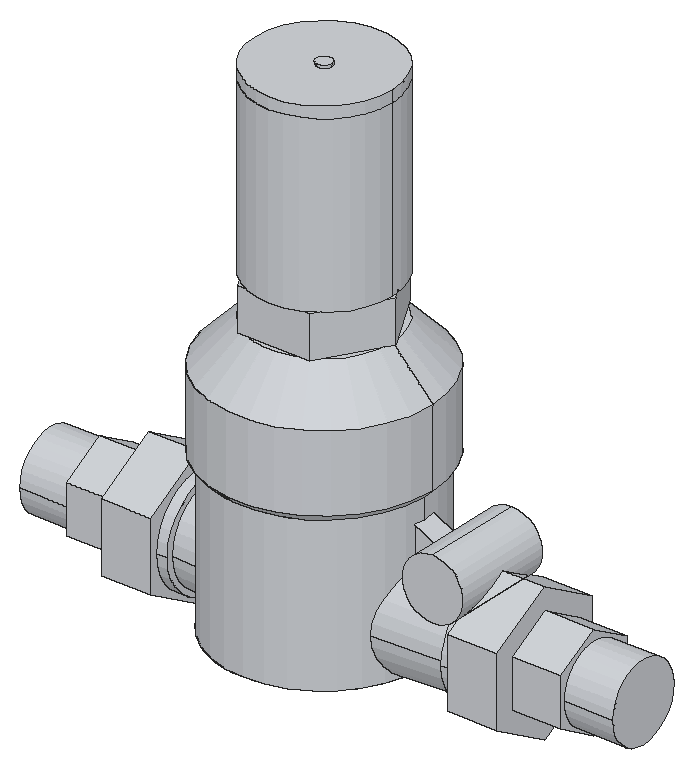
Revit family "306_b223ac7f6b9e48b0bcc7016f55d9b9", category Pipe Accessories, Revit 2022
Family settings
  Round Connector Dimension = Use Diameter
  Part Type = Valve - Breaks Into
  Work Plane-Based = No
  Always vertical = Yes
  Cut with Voids When Loaded = No
  Shared = No
Parameters (values of type "2800 34")
  magiProductId = "8636823e8e654d7caf5087061e43f8"
  magiProductFamilyId = "b223ac7f6b9e48b0bcc7016f55d9b9"
  magiPartTypeId = 306
  isMeasuringValve [instance] = no
  ang2D [instance] = 0.00°
  W2D = 25 mm
  VersionID = "2.0/2018.5.23.1/FAR_2800_001"
  Use Minimum Symbol Size [instance] = yes
  TLL__ve = -TLL  # -13 mm
  TLL = 13 mm
  R6 = 28.5 mm
  R52 = 8 mm
  R5 = 26.5 mm
  R32 = 19 mm
  R3 = 18 mm
  R25 = 14.5 mm
  R24 = 16.5 mm
  R2 = 12.5 mm
  R1 = 14 mm
  R = 10 mm
  QmdConnectorList = "301;D;302;D"
  Productdata [instance] = "© MagiCAD Group, all rights reserved"
  NT__ve = -NT  # -13 mm
  NT2 = 26 mm
  NT = 13 mm
  Manufacturer = "FAR"
  MC Product Code = "2800 34"
  LL__ve = -LL  # -3 mm
  LLL = 6 mm
  LL = 3 mm
  LH = 45.583 mm
  L2D_Min = 3048 mm
  L2D = 150 mm
  L22 = 2 mm
  L2 = 65 mm
  HH2 = 14 mm
  H5 = 20.167 mm
  H3 = 30.25 mm
  H10 = 11 mm
  H = 121 mm
  Description = "Pressure reducing valve, nominal pressure 25 bar, M-M conn."
  Default Elevation = 0 mm
  D = 20 mm
  CenSd_R3_6 = R3 * cos(30.00°)  # 15.588 mm
  CenSd_R32_6 = R32 * cos(30.00°)  # 16.454 mm
  CenSd_R2_6 = R2 * cos(30.00°)  # 10.825 mm
Types (6, lengths in mm): name | magiProductId | TLL__ve | TLL | R6 | R5 | R32 | R3 | R25 | R24 | R2 | R1 | R | Productdata | NT__ve | NT2 | NT | MC Product Code | LH | L2 | HH2 | H5 | H3 | H10 | H | D | CenSd_R3_6 | CenSd_R32_6 | CenSd_R2_6
  2800 1 | "25152e4836604e1d8fbe4be3ce001b" | -15 | 15 | 33.5 | 31.5 | 21.5 | 20.5 | 17 | 19 | 15 | 16.5 | 12.5 | "© Progman Oy, all rights reserved" | -15 | 30 | 15 | "2800 1" | 60.038 | 75 | 16.5 | 26.167 | 39.25 | 14.273 | 157 | 25 | 17.754 | 18.62 | 12.99
  2800 112 | "c08a6f1942e74f81b70147ea77004e" | -17.5 | 17.5 | 39.75 | 37.75 | 29 | 28 | 24.5 | 26.5 | 22.5 | 24 | 20 | "© Progman Oy, all rights reserved" | -17.5 | 35 | 17.5 | "2800 112" | 62.045 | 87.5 | 24 | 27 | 40.5 | 14.727 | 162 | 40 | 24.249 | 25.115 | 19.486
  2800 114 | "5a0a3ccc04384ee8b18895e05ba843" | -16 | 16 | 36 | 34 | 25 | 24 | 20.5 | 22.5 | 18.5 | 20 | 16 | "© Progman Oy, all rights reserved" | -16 | 32 | 16 | "2800 114" | 61.644 | 80 | 20 | 26.833 | 40.25 | 14.636 | 161 | 32 | 20.785 | 21.651 | 16.021
  2800 12 | "6a712f76ac7c4cfa81f5735f466b94" | -12 | 12 | 26.5 | 24.5 | 16.5 | 15.5 | 12 | 14 | 10 | 11.5 | 7.5 | "© Progman Oy, all rights reserved" | -12.2 | 24.4 | 12.2 | "2800 12" | 45.583 | 61 | 11.5 | 20.167 | 30.25 | 11 | 121 | 15 | 13.423 | 14.289 | 8.66
  2800 2 | "8139b10aeeab483ebb5c552e93f462" | -20 | 20 | 43.5 | 41.5 | 34 | 33 | 29.5 | 31.5 | 27.5 | 29 | 25 | "© Progman Oy, all rights reserved" | -19 | 38 | 19 | "2800 2" | 62.045 | 95 | 29 | 27 | 40.5 | 14.727 | 162 | 50 | 28.579 | 29.445 | 23.816
  2800 34 | "8636823e8e654d7caf5087061e43f8" | -13 | 13 | 28.5 | 26.5 | 19 | 18 | 14.5 | 16.5 | 12.5 | 14 | 10 | "© MagiCAD Group, all rights reserved" | -13 | 26 | 13 | "2800 34" | 45.583 | 65 | 14 | 20.167 | 30.25 | 11 | 121 | 20 | 15.588 | 16.454 | 10.825
Reference planes
  plane 1 "Center (Front/Back)": y = 0
  plane 2 "XYPLANE": z = 0
  plane 3 "Center (Left/Right)": x = 0
  plane 4 "201": y = -3
  plane 5 "200": z = 36.5
  plane 6 "198": x = 33
  plane 7 "196": z = 16.5
  plane 8 "194": y = -13
  plane 9 "189": z = 72.417
  plane 10 "186": z = 118
  plane 11 "185": z = 61.417
  plane 12 "181": z = 50.417
  plane 13 "175": x = -36
  plane 14 "171": z = 119.5
  plane 15 "170": z = 121
  plane 16 "147": x = 52
  plane 17 "145": x = -39
  plane 18 "144": x = -52
  plane 19 "99": z = 28.25
  plane 20 "98": z = -12
  plane 21 "97": z = 30.25
  plane 22 "96": z = -14
  plane 23 "92": x = 36
  plane 24 "91": x = 39
  plane 25 "39": x = 65
  plane 26 "38": x = -65
  plane 27 "37": z = 0
  plane 28 "36": y = 0
  plane 29 "35": x = -6
Forms (mm)
  Extrusion 1, solid
    sketch origin (750, -3, 0) x (-1, 0, 0) y (0, 0, 1)
      loop
        line (756, 0) -> (756, 36.5) -> (717, 16.5) -> (717, 0) -> (756, 0)
    from 0 to 6 <- "LLL"
  Extrusion 2, solid
    sketch origin (750, -13, 0) x (-1, 0, 0) y (0, 0, 1)
      loop
        circle (717, 16.5) r 8
    from 0 to 26 <- "NT2"
  Extrusion 3, solid
    sketch origin (-750, 0, 61.417) x (1, 0, 0) y (0, 1, 0)
      loop
        line (763, 0) -> (753.5, 16.454) -> (734.5, 16.454) -> (725, 0) -> (734.5, -16.454) -> (753.5, -16.454) -> (763, 0)
    from 0 to 11 <- "H10"
  Blend 4, solid
    base sketch origin (-750, 0, 50.417) x (1, 0, 0) y (0, 1, 0)
      loop
        circle (744, 0) r 28.5
    top sketch origin (-750, 0, 50.417) x (1, 0, 0) y (0, 1, 0)
      loop
        circle (744, 0) r 18
    from 0 to 11
  Blend 5, solid
    base sketch origin (-750, 0, 30.25) x (1, 0, 0) y (0, 1, 0)
      loop
        circle (744, 0) r 28.5
    top sketch origin (-750, 0, 30.25) x (1, 0, 0) y (0, 1, 0)
      loop
        circle (744, 0) r 28.5
    from 0 to 20.167
  Blend 6, solid
    base sketch origin (36, -750, 0) x (0, 1, 0) y (0, 0, 1)
      loop
        circle (750, 0) r 12.5
    top sketch origin (36, -750, 0) x (0, 1, 0) y (0, 0, 1)
      loop
        circle (750, 0) r 14.5
    from 0 to -42
  Blend 7, solid
    base sketch origin (-36, -750, 0) x (0, 1, 0) y (0, 0, 1)
      loop
        circle (750, 0) r 12.5
    top sketch origin (-36, -750, 0) x (0, 1, 0) y (0, 0, 1)
      loop
        circle (750, 0) r 14.5
    from 0 to 30
  Extrusion 8, solid
    sketch origin (-750, 0, 119.5) x (1, 0, 0) y (0, 1, 0)
      loop
        circle (744, 0) r 2
    from 0 to 2 <- "L22"
  Extrusion 9, solid
    sketch origin (-65, -750, 0) x (0, 1, 0) y (0, 0, 1)
      loop
        circle (750, 0) r 10
    from 0 to -13 <- "TLL__ve"
  Extrusion 10, solid
    sketch origin (65, -750, 0) x (0, 1, 0) y (0, 0, 1)
      loop
        circle (750, 0) r 10
    from 0 to 13 <- "TLL"
  Extrusion 11, solid
    sketch origin (52, -750, 0) x (0, 1, 0) y (0, 0, 1)
      loop
        line (750, 18) -> (734.412, 9) -> (734.412, -9) -> (750, -18) -> (765.588, -9) -> (765.588, 9) -> (750, 18)
    from 0 to -13 <- "NT__ve"
  Extrusion 12, solid
    sketch origin (-52, -750, 0) x (0, 1, 0) y (0, 0, 1)
      loop
        line (750, 18) -> (734.412, 9) -> (734.412, -9) -> (750, -18) -> (765.588, -9) -> (765.588, 9) -> (750, 18)
    from 0 to 13 <- "NT"
  Extrusion 13, solid
    sketch origin (-750, 0, 118) x (1, 0, 0) y (0, 1, 0)
      loop
        circle (744, 0) r 18
    from 0 to 3 <- "LL"
  Extrusion 14, solid
    sketch origin (-750, 0, 72.417) x (1, 0, 0) y (0, 1, 0)
      loop
        circle (744, 0) r 18
    from 0 to 45.583 <- "LH"
  Blend 15, solid
    base sketch origin (-750, 0, 28.25) x (1, 0, 0) y (0, 1, 0)
      loop
        circle (744, 0) r 26.5
    top sketch origin (-750, 0, 28.25) x (1, 0, 0) y (0, 1, 0)
      loop
        circle (744, 0) r 28.5
    from 0 to 2
  Blend 16, solid
    base sketch origin (-750, 0, -12) x (1, 0, 0) y (0, 1, 0)
      loop
        circle (744, 0) r 26.5
    top sketch origin (-750, 0, -12) x (1, 0, 0) y (0, 1, 0)
      loop
        circle (744, 0) r 26.5
    from 0 to 40.25
  Blend 17, solid
    base sketch origin (-750, 0, -14) x (1, 0, 0) y (0, 1, 0)
      loop
        circle (744, 0) r 12.5
    top sketch origin (-750, 0, -14) x (1, 0, 0) y (0, 1, 0)
      loop
        circle (744, 0) r 26.5
    from 0 to 2
  Extrusion 18, solid
    sketch origin (65, -750, 0) x (0, 1, 0) y (0, 0, 1)
      loop
        line (750, 12.5) -> (739.175, 6.25) -> (739.175, -6.25) -> (750, -12.5) -> (760.825, -6.25) -> (760.825, 6.25) -> (750, 12.5)
    from 0 to -13 <- "NT__ve"
  Extrusion 19, solid
    sketch origin (-65, -750, 0) x (0, 1, 0) y (0, 0, 1)
      loop
        line (750, 12.5) -> (739.175, 6.25) -> (739.175, -6.25) -> (750, -12.5) -> (760.825, -6.25) -> (760.825, 6.25) -> (750, 12.5)
    from 0 to 13 <- "NT"
  Extrusion 20, solid
    sketch origin (39, -750, 0) x (0, 1, 0) y (0, 0, 1)
      loop
        circle (750, 0) r 14
    from 0 to -3 <- "LL__ve"
  Extrusion 21, solid
    sketch origin (-39, -750, 0) x (0, 1, 0) y (0, 0, 1)
      loop
        circle (750, 0) r 14
    from 0 to 3 <- "LL"
  Extrusion 22, solid, not visible
    sketch origin (65, -750, 0) x (0, 1, 0) y (0, 0, 1)
      loop
        circle (750, 0) r 8
    from 0 to -10
  Extrusion 23, solid, not visible
    sketch origin (-65, -750, 0) x (0, 1, 0) y (0, 0, 1)
      loop
        circle (750, 0) r 8
    from 0 to 10
Lines and regions (mm)
  reference lines, not visible
    curve 1: circle (2, 2, 0) r 1 normal (0, 0, 1)
  reference lines
    curve 2: line (-6, 0, 61.417) -> (-11.375, 9.31, 61.417)
    curve 3: line (-6, 0, 61.417) -> (-16.75, 0, 61.417)
    curve 4: line (-6, 0, 61.417) -> (-11.375, -9.31, 61.417)
    curve 5: line (52, 0, 0) -> (52, 8.877, -5.125)
    curve 6: line (52, 0, 0) -> (52, 0, -10.25)
    curve 7: line (52, 0, 0) -> (52, -8.877, -5.125)
    curve 8: line (-52, 0, 0) -> (-52, -8.877, -5.125)
    curve 9: line (-52, 0, 0) -> (-52, 0, -10.25)
    curve 10: line (-52, 0, 0) -> (-52, 8.877, -5.125)
    curve 11: line (65, 0, 0) -> (65, 6.495, -3.75)
    curve 12: line (65, 0, 0) -> (65, 0, -7.5)
    curve 13: line (65, 0, 0) -> (65, -6.495, -3.75)
    curve 14: line (-65, 0, 0) -> (-65, -6.495, -3.75)
    curve 15: line (-65, 0, 0) -> (-65, 0, -7.5)
    curve 16: line (-65, 0, 0) -> (-65, 6.495, -3.75)
Dimensions and locks
  plane 1 "Center (Front/Back)" to curve 1 = 2 mm
  "LL": plane 1 "Center (Front/Back)" to plane 4 "201"
  locked: plane 7 "196" to plane 5 "200" at 20
  "LL": plane 23 "92" to plane 6 "198"
  "R24": plane 2 "XYPLANE" to plane 7 "196"
  "NT": plane 1 "Center (Front/Back)" to plane 8 "194"
  "H10": plane 11 "185" to plane 9 "189"
  "LL": plane 15 "170" to plane 10 "186"
  "H10": plane 12 "181" to plane 11 "185"
  "H5": plane 21 "97" to plane 12 "181"
  "LL": plane 17 "145" to plane 13 "175"
  locked: plane 15 "170" to plane 14 "171" at 1.5
  "H": plane 2 "XYPLANE" to plane 15 "170"
  "NT": plane 25 "39" to plane 16 "147"
  "NT": plane 18 "144" to plane 17 "145"
  "NT": plane 26 "38" to plane 18 "144"
  locked: plane 21 "97" to plane 19 "99" at 2
  locked: plane 22 "96" to plane 20 "98" at 2
  "H3": plane 2 "XYPLANE" to plane 21 "97"
  "HH2": plane 2 "XYPLANE" to plane 22 "96"
  "LL": plane 24 "91" to plane 23 "92"
  "NT": plane 16 "147" to plane 24 "91"
  "L2": plane 3 "Center (Left/Right)" to plane 25 "39"
  "L2": plane 3 "Center (Left/Right)" to plane 26 "38"
  locked: plane 2 "XYPLANE" to plane 27 "37"
  locked: plane 1 "Center (Front/Back)" to plane 28 "36"
  "LLL": plane 3 "Center (Left/Right)" to plane 29 "35"
  Extrusion 1 sketch curve to Extrusion 1 sketch curve = 0 mm  (x8)
  "CenSd_R32_6": curve 2 to Extrusion 3 sketch curve  (x2)
  "CenSd_R32_6": curve 3 to Extrusion 3 sketch curve  (x2)
  "CenSd_R32_6": curve 4 to Extrusion 3 sketch curve  (x2)
  Extrusion 3 sketch curve to Extrusion 3 sketch curve = 0 mm  (x12)
  "CenSd_R3_6": curve 5 to Extrusion 11 sketch curve  (x2)
  "CenSd_R3_6": curve 6 to Extrusion 11 sketch curve  (x2)
  "CenSd_R3_6": curve 7 to Extrusion 11 sketch curve  (x2)
  Extrusion 11 sketch curve to Extrusion 11 sketch curve = 0 mm  (x12)
  "CenSd_R3_6": curve 8 to Extrusion 12 sketch curve  (x2)
  "CenSd_R3_6": curve 9 to Extrusion 12 sketch curve  (x2)
  "CenSd_R3_6": curve 10 to Extrusion 12 sketch curve  (x2)
  Extrusion 12 sketch curve to Extrusion 12 sketch curve = 0 mm  (x12)
  "CenSd_R2_6": curve 11 to Extrusion 18 sketch curve  (x2)
  "CenSd_R2_6": curve 12 to Extrusion 18 sketch curve  (x2)
  "CenSd_R2_6": curve 13 to Extrusion 18 sketch curve  (x2)
  Extrusion 18 sketch curve to Extrusion 18 sketch curve = 0 mm  (x12)
  "CenSd_R2_6": curve 14 to Extrusion 19 sketch curve  (x2)
  "CenSd_R2_6": curve 15 to Extrusion 19 sketch curve  (x2)
  "CenSd_R2_6": curve 16 to Extrusion 19 sketch curve  (x2)
  Extrusion 19 sketch curve to Extrusion 19 sketch curve = 0 mm  (x12)
  "R52": radius of Extrusion 2 sketch curve
  "R3": radius of Blend 4 sketch curve
  "R6": radius of Blend 4 sketch curve
  "R6": radius of Blend 5 sketch curve  (x2)
  "R25": radius of Blend 6 sketch curve
  "R2": radius of Blend 6 sketch curve
  "R25": radius of Blend 7 sketch curve
  "R2": radius of Blend 7 sketch curve
  "L22": radius of Extrusion 8 sketch curve
  "R": radius of Extrusion 9 sketch curve
  "R": radius of Extrusion 10 sketch curve
  "R3": radius of Extrusion 13 sketch curve
  "R3": radius of Extrusion 14 sketch curve
  "R6": radius of Blend 15 sketch curve
  "R5": radius of Blend 15 sketch curve
  "R5": radius of Blend 16 sketch curve  (x2)
  "R5": radius of Blend 17 sketch curve
  "R2": radius of Blend 17 sketch curve
  "R1": radius of Extrusion 20 sketch curve
  "R1": radius of Extrusion 21 sketch curve
  locked: curve 3 to curve 2 (angle 60.00°)
  locked: curve 4 to curve 3 (angle 60.00°)
  locked: curve 4 to curve 2 (angle 120.00°)
  locked: curve 6 to curve 5 (angle 60.00°)
  locked: curve 7 to curve 6 (angle 60.00°)
  locked: curve 7 to curve 5 (angle 120.00°)
  locked: curve 9 to curve 8 (angle 60.00°)
  locked: curve 10 to curve 9 (angle 60.00°)
  locked: curve 10 to curve 8 (angle 120.00°)
  locked: curve 12 to curve 11 (angle 60.00°)
  locked: curve 13 to curve 12 (angle 60.00°)
  locked: curve 13 to curve 11 (angle 120.00°)
  locked: curve 15 to curve 14 (angle 60.00°)
  locked: curve 16 to curve 15 (angle 60.00°)
  locked: curve 16 to curve 14 (angle 120.00°)
  aligned and locked: level to plane 2 "XYPLANE"
  aligned and locked: Extrusion 1 sketch curve to plane 29 "35"
  aligned and locked: plane 27 "37" to Extrusion 1 sketch curve
  aligned and locked: plane 5 "200" to Extrusion 1 sketch curve
  aligned and locked: plane 29 "35" to Extrusion 1 sketch curve
  aligned and locked: plane 7 "196" to Extrusion 1 sketch curve
  aligned and locked: plane 6 "198" to Extrusion 1 sketch curve  (x2)
  aligned and locked: Extrusion 1 sketch curve to plane 27 "37"
  aligned and locked: plane 6 "198" to Extrusion 2 sketch curve
  aligned and locked: plane 7 "196" to Extrusion 2 sketch curve
  aligned and locked: plane 28 "36" to curve 4
  aligned and locked: plane 29 "35" to curve 4
  aligned and locked: plane 28 "36" to Blend 4 sketch curve  (x2)
  aligned and locked: plane 29 "35" to Blend 4 sketch curve  (x2)
  aligned and locked: plane 11 "185" to Blend 4
  aligned and locked: plane 28 "36" to Blend 5 sketch curve  (x2)
  aligned and locked: plane 29 "35" to Blend 5 sketch curve  (x2)
  aligned and locked: plane 12 "181" to Blend 5
  aligned and locked: plane 27 "37" to Blend 6 sketch curve  (x2)
  aligned and locked: Blend 6 sketch curve to plane 28 "36"  (x2)
  aligned and locked: Blend 6 to plane 29 "35"
  aligned and locked: plane 27 "37" to Blend 7 sketch curve  (x2)
  aligned and locked: Blend 7 sketch curve to plane 28 "36"  (x2)
  aligned and locked: plane 29 "35" to Blend 7
  aligned and locked: plane 28 "36" to Extrusion 8 sketch curve
  aligned and locked: plane 29 "35" to Extrusion 8 sketch curve
  aligned and locked: plane 27 "37" to Extrusion 9 sketch curve
  aligned and locked: Extrusion 9 sketch curve to plane 28 "36"
  aligned and locked: plane 27 "37" to Extrusion 10 sketch curve
  aligned and locked: Extrusion 10 sketch curve to plane 28 "36"
  aligned and locked: plane 27 "37" to curve 7
  aligned and locked: curve 7 to plane 28 "36"
  aligned and locked: plane 27 "37" to curve 10
  aligned and locked: curve 10 to plane 28 "36"
  aligned and locked: plane 28 "36" to Extrusion 13 sketch curve
  aligned and locked: plane 29 "35" to Extrusion 13 sketch curve
  aligned and locked: plane 28 "36" to Extrusion 14 sketch curve
  aligned and locked: plane 29 "35" to Extrusion 14 sketch curve
  aligned and locked: plane 28 "36" to Blend 15 sketch curve  (x2)
  aligned and locked: plane 29 "35" to Blend 15 sketch curve  (x2)
  aligned and locked: plane 21 "97" to Blend 15
  aligned and locked: plane 28 "36" to Blend 16 sketch curve  (x2)
  aligned and locked: plane 29 "35" to Blend 16 sketch curve  (x2)
  aligned and locked: plane 19 "99" to Blend 16
  aligned and locked: plane 28 "36" to Blend 17 sketch curve  (x2)
  aligned and locked: plane 29 "35" to Blend 17 sketch curve  (x2)
  aligned and locked: plane 20 "98" to Blend 17
  aligned and locked: plane 27 "37" to curve 13
  aligned and locked: curve 13 to plane 28 "36"
  aligned and locked: plane 27 "37" to curve 16
  aligned and locked: curve 16 to plane 28 "36"
  aligned and locked: plane 27 "37" to Extrusion 20 sketch curve
  aligned and locked: Extrusion 20 sketch curve to plane 28 "36"
  aligned and locked: plane 27 "37" to Extrusion 21 sketch curve
  aligned and locked: Extrusion 21 sketch curve to plane 28 "36"
  aligned and locked: plane 27 "37" to Extrusion 22 sketch curve
  aligned and locked: Extrusion 22 sketch curve to plane 28 "36"
  aligned and locked: plane 27 "37" to Extrusion 23 sketch curve
  aligned and locked: Extrusion 23 sketch curve to plane 28 "36"
Automatic sketch dimensions
  plane 8 "194" to Extrusion 22 sketch curve = 5 mm
  plane 8 "194" to Extrusion 23 sketch curve = 5 mm
  plane 3 "Center (Left/Right)" to curve 1 = 2 mm
  radius of curve 1 = 1 mm
Connectors
  piping at (-65, 0, 0), diameter 20, driven by "D"
    settings: on Extrusion 23, index 1, connector inside diameter 609.6 mm, connector length 0 mm, flow factor 0, pipe flow 0.0 L/s, pressure drop 0.0 Pa, fitting loss kfactor 0, connector angle 0.00°, fixture units 0, engagement length 0 mm, angle of deflection 0.00°, flow configuration 0, flow direction 0, fitting loss method 0, system type 29, joint type 0, gender type 0, connector reference index 2, connector utility 0, adjustable connector no, is connector primary yes, connector description ""
  piping at (65, 0, 0), diameter 20, driven by "D"
    settings: on Extrusion 22, index 2, connector inside diameter 609.6 mm, connector length 0 mm, flow factor 0, pipe flow 0.0 L/s, pressure drop 0.0 Pa, fitting loss kfactor 0, connector angle 0.00°, fixture units 0, engagement length 0 mm, angle of deflection 0.00°, flow configuration 0, flow direction 0, fitting loss method 0, system type 29, joint type 0, gender type 0, connector reference index 1, connector utility 0, adjustable connector no, is connector primary no, connector description ""
